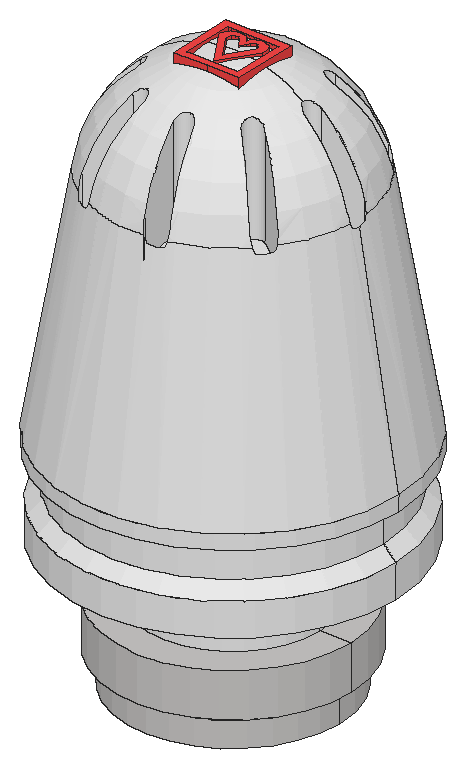
Revit family "HERZ-Mini-Turbo-Design-Thermostatic Sensor M28x1.5 9200 13", category Rohrzubehör, Revit 2019
Family settings
  Bemaßung runder Anschluss = Durchmesser verwenden
  Teiletyp = Normal
  OmniClass-Nummer = 23.65.55.14
  OmniClass-Titel = Valves for Liquid Services
  Arbeitsebenenbasiert = Nein
  Immer vertikal = Nein
  Beim Laden mit Abzugskörper schneiden = Nein
  Gemeinsam genutzt = Nein
Parameters
  URL = "www.herzvalves.com"
  Set value range = "0-30°C"  # constant formula
  S02 = 60 mm  # constant formula
  S01 = 73 mm  # constant formula
  Part number = 1920013  # constant formula
  Operation = "The HERZ thermostat serves as a sensing and control element.\r\nThe volumetric change of the liquid filling in the HERZ hydrosensor moves the thrust spindle of the valve"
  Shut off zero position = "When set to \"0\", the thermostatic valve is shut off and the frost protection is disabled."
  Hersteller = "HERZ Armaturen Ges.m.b.H."  # constant formula
  Hand wheel = "plastic, white"  # constant formula
  Frost protection = 6 °C  # constant formula
  Frost protection setpoint range = "6-30°C"  # constant formula
  Frost protection * = "When set to *, the valve automatically opens at approx.\r\n6 ° C ambient temperature and prevents the system from freezing."
  Application = "For mounting on valves that are designed for thermostatic operation"
Reference planes
  plane 1 "Mitte (Vorne/hinten)": y = 0
  plane 2: z = 0
  plane 3 "Mitte (Links/rechts)": x = 0
Forms (mm)
  Revolve 1, solid, material "Kunststoff weiß", detail levels fine
    sketch origin (0, 0, 0) x (1, 0, 0) y (0, 0, 1)
      loop
        line (0, 0) -> (0, 73)
        arc (0, 73) -> (-11.397, 68.78) -> (-17.297, 58.156) r 17.5
        arc (-17.297, 58.156) -> (-20.011, 42.065) -> (-22.88, 26) r 1681.293
        line (-22.88, 26) -> (-22.88, 24) -> (-20.75, 24) -> (-20.75, 19.25) -> (-22.5, 17.5) -> (-22.5, 13) -> (-12.8, 13)
        arc (-12.8, 13) -> (-12.234, 12.766) -> (-12, 12.2) r 0.8
        line (-12, 12.2) -> (-12, 4.8) -> (-13.2, 4.8) -> (-13.2, 0) -> (0, 0)
      axis (0, 73) -> (0, 0)
    angle from 0 to 360
  Revolve 2, solid, material "Messing verzinkt", detail levels fine
    sketch origin (0, 0, 0) x (1, 0, 0) y (0, 0, 1)
      loop
        line (0, 0) -> (0, 5.5) -> (-16.35, 5.5) -> (-16.35, -0.576) -> (-14.75, -1.5) -> (-14.75, -5) -> (-13.35, -5) -> (-13.35, 0) -> (0, 0)
      axis (0, 5.5) -> (0, -5)
    angle from 0 to 360
  Extrusion 3, void
    sketch origin (0, 0, 0) x (1, 0, 0) y (0, 1, 0)
      loop
        arc (11.027, 1.298) -> (9.8, 0) -> (11.027, -1.298) r 1.3
        line (11.027, -1.298) -> (16.77, -1.62)
        arc (16.77, -1.62) -> (17.178, -1.485) -> (17.384, -1.107) r 0.586
        arc (17.384, -1.107) -> (17.453, 0.011) -> (17.382, 1.129) r 9
        arc (17.382, 1.129) -> (17.183, 1.492) -> (16.79, 1.621) r 0.564
        line (16.79, 1.621) -> (11.027, 1.298)
      loop
        line (9.282, 6.094) -> (13.904, 9.55)
        arc (13.904, 9.55) -> (14.121, 9.902) -> (14.04, 10.308) r 0.564
        arc (14.04, 10.308) -> (13.376, 11.21) -> (12.605, 12.023) r 9
        arc (12.605, 12.023) -> (12.205, 12.18) -> (11.805, 12.021) r 0.586
        line (11.805, 12.021) -> (7.613, 8.082)
        arc (7.613, 8.082) -> (7.507, 6.299) -> (9.282, 6.094) r 1.3
      loop
        arc (0.637, 11.085) -> (1.702, 9.651) -> (3.193, 10.634) r 1.3
        line (3.193, 10.634) -> (4.508, 16.234)
        arc (4.508, 16.234) -> (4.445, 16.659) -> (4.109, 16.928) r 0.586
        arc (4.109, 16.928) -> (3.02, 17.189) -> (1.907, 17.313) r 9
        arc (1.907, 17.313) -> (1.515, 17.181) -> (1.319, 16.816) r 0.564
        line (1.319, 16.816) -> (0.637, 11.085)
      loop
        line (-4.39, 10.199) -> (-6.991, 15.351)
        arc (-6.991, 15.351) -> (-7.3, 15.626) -> (-7.713, 15.617) r 0.564
        arc (-7.713, 15.617) -> (-8.717, 15.12) -> (-9.651, 14.501) r 9
        arc (-9.651, 14.501) -> (-9.875, 14.134) -> (-9.788, 13.713) r 0.586
        line (-9.788, 13.713) -> (-6.638, 8.901)
        arc (-6.638, 8.901) -> (-4.9, 8.487) -> (-4.39, 10.199) r 1.3
      loop
        arc (-10.806, 2.552) -> (-9.209, 3.352) -> (-9.918, 4.991) r 1.3
        line (-9.918, 4.991) -> (-15.204, 7.258)
        arc (-15.204, 7.258) -> (-15.634, 7.271) -> (-15.957, 6.986) r 0.586
        arc (-15.957, 6.986) -> (-16.404, 5.959) -> (-16.719, 4.884) r 9
        arc (-16.719, 4.884) -> (-16.657, 4.475) -> (-16.332, 4.219) r 0.564
        line (-16.332, 4.219) -> (-10.806, 2.552)
      loop
        line (-10.806, -2.552) -> (-16.332, -4.219)
        arc (-16.332, -4.219) -> (-16.657, -4.475) -> (-16.719, -4.884) r 0.564
        arc (-16.719, -4.884) -> (-16.404, -5.959) -> (-15.957, -6.986) r 9
        arc (-15.957, -6.986) -> (-15.634, -7.271) -> (-15.204, -7.258) r 0.586
        line (-15.204, -7.258) -> (-9.918, -4.991)
        arc (-9.918, -4.991) -> (-9.209, -3.352) -> (-10.806, -2.552) r 1.3
      loop
        arc (9.282, -6.094) -> (7.507, -6.299) -> (7.613, -8.082) r 1.3
        line (7.613, -8.082) -> (11.805, -12.021)
        arc (11.805, -12.021) -> (12.205, -12.18) -> (12.605, -12.023) r 0.586
        arc (12.605, -12.023) -> (13.376, -11.21) -> (14.04, -10.308) r 9
        arc (14.04, -10.308) -> (14.121, -9.902) -> (13.904, -9.55) r 0.564
        line (13.904, -9.55) -> (9.282, -6.094)
      loop
        line (0.637, -11.085) -> (1.319, -16.816)
        arc (1.319, -16.816) -> (1.515, -17.181) -> (1.907, -17.313) r 0.564
        arc (1.907, -17.313) -> (3.02, -17.189) -> (4.109, -16.928) r 9
        arc (4.109, -16.928) -> (4.445, -16.659) -> (4.508, -16.234) r 0.586
        line (4.508, -16.234) -> (3.193, -10.634)
        arc (3.193, -10.634) -> (1.702, -9.651) -> (0.637, -11.085) r 1.3
      loop
        arc (-4.39, -10.199) -> (-4.9, -8.487) -> (-6.638, -8.901) r 1.3
        line (-6.638, -8.901) -> (-9.788, -13.713)
        arc (-9.788, -13.713) -> (-9.875, -14.134) -> (-9.651, -14.501) r 0.586
        arc (-9.651, -14.501) -> (-8.717, -15.12) -> (-7.713, -15.617) r 9
        arc (-7.713, -15.617) -> (-7.3, -15.626) -> (-6.991, -15.351) r 0.564
        line (-6.991, -15.351) -> (-4.39, -10.199)
    from 55 to 73
Cuts and joins
  Extrusion 3 cuts Revolve 1
Lines and regions (mm)
  model lines, detail levels coarse+medium
    curve 1: line (0, 0, 0) -> (0, 0, 13)
    curve 2: line (0, -0.017, 0) -> (0, 13, 0)
    curve 3: circle (-0.018, 0, 43) r 30 normal (0, -1, 0)
    curve 4: circle (0, 0, 43) r 30 normal (1, 0, 0)
    curve 5: line (0, 0, 23) -> (0, 0, 63)
    curve 6: line (0, 17.5, 63) -> (0, -17.5, 63)
    curve 7: line (-0.018, 0, 23) -> (-0.018, 0, 63)
    curve 8: line (-17.518, 0, 63) -> (17.482, 0, 63)
    curve 9: circle (0, 43, 0) r 30 normal (0, 0, 1)
    curve 10: line (0, 63, 0) -> (0, 23, 0)
    curve 11: line (-17.5, 63, 0) -> (17.5, 63, 0)
Dimensions and locks
  "S01": curve 4 to plane 2
  "S01": curve 3 to plane 2
  "S01": plane 1 "Mitte (Vorne/hinten)" to curve 9
  "S02": diameter of curve 3
  "S02": diameter of curve 4
  "S02": diameter of curve 9
  aligned and locked: level to plane 2
Automatic sketch dimensions
  Revolve 1 sketch curve to level = 0 mm
  Revolve 1 sketch curve to plane 3 "Mitte (Links/rechts)" = 0 mm  (x2)
  Revolve 1 sketch curve to plane 3 "Mitte (Links/rechts)" = 12 mm
  Revolve 1 sketch curve to Revolve 1 sketch curve = 0.8 mm
  Revolve 1 sketch curve to Revolve 1 sketch curve = 1.2 mm
  Revolve 1 sketch curve to Revolve 1 sketch curve = 7.95 mm
  Revolve 1 sketch curve to Revolve 1 sketch curve = 1.75 mm  (x2)
  Revolve 1 sketch curve to Revolve 1 sketch curve = 2.13 mm
  level to Revolve 1 sketch curve = 329.658 mm
  Revolve 1 sketch curve to plane 3 "Mitte (Links/rechts)" = 1676.524 mm
  level to Revolve 1 sketch curve = 4.8 mm
  Revolve 1 sketch curve to Revolve 1 sketch curve = 7.4 mm
  Revolve 1 sketch curve to Revolve 1 sketch curve = 4.5 mm
  Revolve 1 sketch curve to Revolve 1 sketch curve = 4.75 mm
  Revolve 1 sketch curve to Revolve 1 sketch curve = 2 mm
  Revolve 1 sketch curve to Revolve 1 sketch curve = 29.5 mm
  Revolve 1 sketch curve to Revolve 1 sketch curve = 17.5 mm
  Revolve 1 sketch curve to level = 366.045 mm
  Revolve 1 sketch curve to Revolve 1 sketch curve = 2141.315 mm
  Revolve 2 sketch curve to level = 0 mm
  Revolve 2 sketch curve to plane 3 "Mitte (Links/rechts)" = 0 mm  (x2)
  Revolve 2 sketch curve to level = 5 mm
  Revolve 2 sketch curve to plane 3 "Mitte (Links/rechts)" = 13.35 mm
  Revolve 2 sketch curve to Revolve 2 sketch curve = 1.4 mm
  Revolve 2 sketch curve to level = 0.576 mm
  Revolve 2 sketch curve to Revolve 2 sketch curve = 1.6 mm
  Revolve 2 sketch curve to level = 1.5 mm
  level to Revolve 2 sketch curve = 5.5 mm
  Revolve 2 sketch curve to Revolve 2 sketch curve = 361.045 mm
  Revolve 2 sketch curve to Revolve 2 sketch curve = 2208.815 mm
  plane 1 "Mitte (Vorne/hinten)" to Extrusion 3 sketch curve = 0 mm  (x2)
  Extrusion 3 sketch curve to plane 1 "Mitte (Vorne/hinten)" = 4.219 mm
  Extrusion 3 sketch curve to plane 3 "Mitte (Links/rechts)" = 16.332 mm
  plane 1 "Mitte (Vorne/hinten)" to Extrusion 3 sketch curve = 4.219 mm
  Extrusion 3 sketch curve to Extrusion 3 sketch curve = 0 mm  (x11)
  Extrusion 3 sketch curve to Extrusion 3 sketch curve = 0.163 mm  (x2)
  Extrusion 3 sketch curve to Extrusion 3 sketch curve = 0.734 mm  (x2)
  plane 1 "Mitte (Vorne/hinten)" to Extrusion 3 sketch curve = 7.258 mm
  Extrusion 3 sketch curve to Extrusion 3 sketch curve = 0.231 mm  (x2)
  Extrusion 3 sketch curve to plane 1 "Mitte (Vorne/hinten)" = 7.258 mm
  plane 1 "Mitte (Vorne/hinten)" to Extrusion 3 sketch curve = 2.552 mm
  Extrusion 3 sketch curve to Extrusion 3 sketch curve = 5.526 mm
  Extrusion 3 sketch curve to plane 1 "Mitte (Vorne/hinten)" = 2.552 mm
  Extrusion 3 sketch curve to Extrusion 3 sketch curve = 0.375 mm  (x2)
  Extrusion 3 sketch curve to Extrusion 3 sketch curve = 0.512 mm  (x2)
  Extrusion 3 sketch curve to Extrusion 3 sketch curve = 5.416 mm  (x2)
  Extrusion 3 sketch curve to Extrusion 3 sketch curve = 0.49 mm  (x2)
  Extrusion 3 sketch curve to Extrusion 3 sketch curve = 2.488 mm  (x2)
  Extrusion 3 sketch curve to Extrusion 3 sketch curve = 1.803 mm  (x2)
  Extrusion 3 sketch curve to Extrusion 3 sketch curve = 0.504 mm  (x2)
  Extrusion 3 sketch curve to Extrusion 3 sketch curve = 3.281 mm  (x2)
  Extrusion 3 sketch curve to Extrusion 3 sketch curve = 1.088 mm  (x2)
  Extrusion 3 sketch curve to Extrusion 3 sketch curve = 1.16 mm  (x2)
  Extrusion 3 sketch curve to Extrusion 3 sketch curve = 1.324 mm  (x2)
  plane 3 "Mitte (Links/rechts)" to Extrusion 3 sketch curve = 0.637 mm  (x2)
  plane 3 "Mitte (Links/rechts)" to Extrusion 3 sketch curve = 1.319 mm  (x2)
  plane 3 "Mitte (Links/rechts)" to Extrusion 3 sketch curve = 1.468 mm  (x2)
  Extrusion 3 sketch curve to Extrusion 3 sketch curve = 0.561 mm  (x2)
  Extrusion 3 sketch curve to Extrusion 3 sketch curve = 1.291 mm  (x2)
  Extrusion 3 sketch curve to Extrusion 3 sketch curve = 1.266 mm  (x2)
  Extrusion 3 sketch curve to Extrusion 3 sketch curve = 2.058 mm  (x2)
  Extrusion 3 sketch curve to Extrusion 3 sketch curve = 0.57 mm  (x2)
  Extrusion 3 sketch curve to Extrusion 3 sketch curve = 5.007 mm  (x2)
  Extrusion 3 sketch curve to Extrusion 3 sketch curve = 1.138 mm  (x2)
  Extrusion 3 sketch curve to Extrusion 3 sketch curve = 1.978 mm
  Extrusion 3 sketch curve to Extrusion 3 sketch curve = 0.89 mm  (x2)
  Extrusion 3 sketch curve to Extrusion 3 sketch curve = 0.779 mm  (x2)
  plane 1 "Mitte (Vorne/hinten)" to Extrusion 3 sketch curve = 1.298 mm
  Extrusion 3 sketch curve to Extrusion 3 sketch curve = 2.575 mm
  Extrusion 3 sketch curve to Extrusion 3 sketch curve = 0.073 mm
  Extrusion 3 sketch curve to Extrusion 3 sketch curve = 4.192 mm  (x2)
  Extrusion 3 sketch curve to Extrusion 3 sketch curve = 0.401 mm  (x2)
  Extrusion 3 sketch curve to Extrusion 3 sketch curve = 1.36 mm  (x2)
  Extrusion 3 sketch curve to Extrusion 3 sketch curve = 0.338 mm  (x2)
  plane 1 "Mitte (Vorne/hinten)" to Extrusion 3 sketch curve = 1.62 mm
  Extrusion 3 sketch curve to Extrusion 3 sketch curve = 5.743 mm
  Extrusion 3 sketch curve to plane 1 "Mitte (Vorne/hinten)" = 1.621 mm
  Extrusion 3 sketch curve to Extrusion 3 sketch curve = 0.02 mm
  Extrusion 3 sketch curve to Extrusion 3 sketch curve = 0.033 mm
  Extrusion 3 sketch curve to Extrusion 3 sketch curve = 0.032 mm
  plane 1 "Mitte (Vorne/hinten)" to Extrusion 3 sketch curve = 7.32 mm
  Extrusion 3 sketch curve to Extrusion 3 sketch curve = 6.784 mm
  Extrusion 3 sketch curve to Extrusion 3 sketch curve = 1.004 mm
  Extrusion 3 sketch curve to Extrusion 3 sketch curve = 1.581 mm  (x2)
  Extrusion 3 sketch curve to Extrusion 3 sketch curve = 1.468 mm
  Extrusion 3 sketch curve to Extrusion 3 sketch curve = 0.712 mm  (x2)
  Extrusion 3 sketch curve to Extrusion 3 sketch curve = 0.452 mm  (x2)
  Extrusion 3 sketch curve to Extrusion 3 sketch curve = 2.31 mm  (x2)
  Extrusion 3 sketch curve to Extrusion 3 sketch curve = 0.297 mm  (x2)
  Extrusion 3 sketch curve to Extrusion 3 sketch curve = 1.591 mm  (x2)
  Extrusion 3 sketch curve to Extrusion 3 sketch curve = 0.427 mm  (x2)
  Extrusion 3 sketch curve to Extrusion 3 sketch curve = 4.812 mm  (x2)
  Extrusion 3 sketch curve to Extrusion 3 sketch curve = 0.321 mm  (x2)
  Extrusion 3 sketch curve to Extrusion 3 sketch curve = 1.063 mm  (x2)
  Extrusion 3 sketch curve to Extrusion 3 sketch curve = 0.254 mm  (x2)
  Extrusion 3 sketch curve to Extrusion 3 sketch curve = 5.599 mm  (x2)
  Extrusion 3 sketch curve to Extrusion 3 sketch curve = 0.134 mm  (x2)
  Extrusion 3 sketch curve to Extrusion 3 sketch curve = 0.382 mm  (x2)
  Extrusion 3 sketch curve to Extrusion 3 sketch curve = 0.067 mm  (x2)
  Extrusion 3 sketch curve to Extrusion 3 sketch curve = 0.947 mm
  Extrusion 3 sketch curve to Extrusion 3 sketch curve = 0.539 mm  (x2)
  Extrusion 3 sketch curve to Extrusion 3 sketch curve = 1.702 mm
  Extrusion 3 sketch curve to Extrusion 3 sketch curve = 2.439 mm
  Extrusion 3 sketch curve to Extrusion 3 sketch curve = 0.54 mm  (x2)
  Extrusion 3 sketch curve to Extrusion 3 sketch curve = 0.905 mm
  Extrusion 3 sketch curve to Extrusion 3 sketch curve = 0.585 mm
  Extrusion 3 sketch curve to Extrusion 3 sketch curve = 0.564 mm
  Extrusion 3 sketch curve to Extrusion 3 sketch curve = 0.339 mm
  Extrusion 3 sketch curve to Extrusion 3 sketch curve = 1.245 mm
  Extrusion 3 sketch curve to plane 1 "Mitte (Vorne/hinten)" = 5.433 mm
  Extrusion 3 sketch curve to Extrusion 3 sketch curve = 0.661 mm
  Extrusion 3 sketch curve to Extrusion 3 sketch curve = 1.041 mm
  Extrusion 3 sketch curve to Extrusion 3 sketch curve = 4.429 mm
  Extrusion 3 sketch curve to Extrusion 3 sketch curve = 2.891 mm
  Extrusion 3 sketch curve to Extrusion 3 sketch curve = 3.456 mm
  Extrusion 3 sketch curve to plane 1 "Mitte (Vorne/hinten)" = 1.298 mm  (x2)
  curve 5 to plane 1 "Mitte (Vorne/hinten)" = 0 mm
  curve 4 to plane 1 "Mitte (Vorne/hinten)" = 0 mm
  plane 1 "Mitte (Vorne/hinten)" to curve 6 = 17.5 mm
  curve 5 to curve 6 = 17.5 mm
  curve 5 to curve 4 = 20 mm
  curve 4 to curve 6 = 20 mm
  curve 1 to plane 3 "Mitte (Links/rechts)" = 0 mm
  curve 1 to level = 0 mm
  curve 3 to plane 3 "Mitte (Links/rechts)" = 0.018 mm
  curve 7 to plane 3 "Mitte (Links/rechts)" = 0.018 mm
  curve 8 to curve 7 = 17.5 mm
  plane 3 "Mitte (Links/rechts)" to curve 8 = 17.482 mm
  curve 1 to curve 7 = 10 mm
  curve 3 to curve 8 = 20 mm
  curve 9 to plane 3 "Mitte (Links/rechts)" = 0 mm
  curve 10 to plane 3 "Mitte (Links/rechts)" = 0 mm
  curve 2 to plane 3 "Mitte (Links/rechts)" = 0 mm
  curve 11 to curve 10 = 17.5 mm
  plane 3 "Mitte (Links/rechts)" to curve 11 = 17.5 mm
  plane 1 "Mitte (Vorne/hinten)" to curve 2 = 0.017 mm
  curve 2 to curve 10 = 10 mm
  curve 9 to curve 11 = 20 mm
Nested families
  nested 1: "Herz-Logo" at (0, 0, 71.5), type "Herz-Logo", detail levels fine
Definition of nested family "Herz-Logo"
  Reference planes
    plane 1 "Mitte (Vorne/hinten)": y = 0
    plane 2: z = 0
    plane 3 "Mitte (Links/rechts)": x = 0
  Forms (mm)
    Extrusion 1, solid
      sketch origin (0, 0, 0) x (1, 0, 0) y (0, 1, 0)
        loop
          line (-0.018, -4.517) -> (4.482, -4.517) -> (4.482, 4.483) -> (-4.518, 4.483) -> (-4.518, -4.517) -> (-0.018, -4.517)
        loop
          line (-0.05, -3.48) -> (3.482, -3.48) -> (3.482, 3.483) -> (-3.518, 3.483) -> (-3.518, -3.48) -> (-0.05, -3.48)
        loop
          arc (-0.018, 2.383) -> (-1.543, 3.287) -> (-3.067, 2.383) r 1.738
          arc (-3.067, 2.383) -> (-3.191, 1.899) -> (-3.067, 1.415) r 1.009
          line (-3.067, 1.415) -> (-0.018, -3.281) -> (3.032, 1.415)
          arc (3.032, 1.415) -> (3.156, 1.899) -> (3.032, 2.383) r 1.009
          arc (3.032, 2.383) -> (1.507, 3.287) -> (-0.018, 2.383) r 1.738
        loop
          arc (1.885, 1.272) -> (2.005, 1.675) -> (1.885, 2.079) r 0.74
          arc (1.885, 2.079) -> (1.265, 2.416) -> (0.644, 2.079) r 0.74
          line (0.644, 2.079) -> (-0.018, 0.97) -> (-0.679, 2.079)
          arc (-0.679, 2.079) -> (-1.3, 2.416) -> (-1.921, 2.079) r 0.74
          arc (-1.921, 2.079) -> (-2.04, 1.675) -> (-1.921, 1.272) r 0.74
          line (-1.921, 1.272) -> (-0.018, -1.658) -> (1.885, 1.272)
      from 0 to 1.5
  Dimensions and locks
    aligned and locked: level to plane 2
